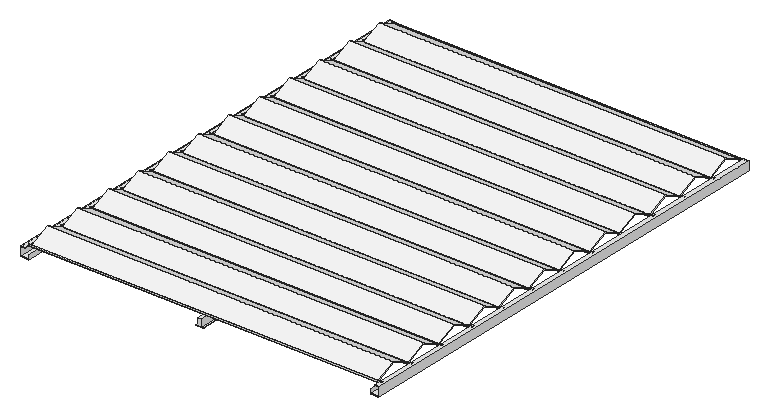
Revit family "Retractable-Roof_ShadeFX", category Specialty Equipment, Revit 2024
Family settings
  Round Connector Dimension = Use Diameter
  Part Type = Normal
  OmniClass Number = 23.35.00.00
  OmniClass Title = Covering, Cladding, and Finishes
  Work Plane-Based = No
  Enable Cutting in Views = No
  Always vertical = Yes
  Cut with Voids When Loaded = No
  Maintain Annotation Orientation = No
  Shared = No
  Room Calculation Point = No
Parameters
  URL = "https://www.shadefxcanopies.com/"
  Track Length [instance] = Length  # 18' - 0"
  Structure Material [instance] = ShadeFX - Aluminum Finish
  Specification = "https://www.arcat.com/company/shadefx-50995/spec"
  Retracted Roof [instance] = not(Extended Roof)  # no
  Retracted Length [instance] = if(or(Length = 8' 0", Length < 9' 0"), 1' 0 1/4", if(or(Length = 9' 0", Length < 10' 0"), 1' 2 1/4", if(or(Length = 10' 0", Length < 11' 0"), 2' 2 1/4", if(or(Length = 11' 0", Length < 12' 0"), 2' 4 1/4", if(or(Length = 12' 0", Length < 13' 3"), 2' 6 1/4", if(or(Length = 13' 3", Length < 14' 0"), 2' 6 1/4", if(or(Length = 14' 0", Length < 15' 0"), 2' 8 1/4", if(or(Length = 15' 0", Length = 16' 0"), 2' 8 1/4", if(or(Length = 16' 0", Length < 17' 0"), 2' 10 1/4", if(or(Length = 17' 0", Length < 18' 0"), 3' 0 1/4", if(or(Length = 18' 0", Length < 19' 0"), 3' 0 1/4", if(or(Length = 19' 0", Length < 20' 0"), 3' 2 1/4", if(or(Length = 20' 0", Length < 21' 0"), 3' 2 1/4", if(or(Length = 21' 0", Length < 22' 0"), 3' 4 1/4", if(or(Length = 22' 0", Length < 23' 0"), 3' 6 1/4", if(or(Length = 23' 0", Length < 26' 0"), 3' 6 1/4", if(or(Length = 26' 0", Length < 27' 0"), 3' 10 1/4", if(or(Length = 27' 0", Length < 29' 0"), 4' 0 1/4", if(or(Length = 29' 0", Length < 30' 0"), 4' 2 1/4", if(Length = 30' 0", 4' 2 1/4", 1' 0"))))))))))))))))))))  # 3' - 0 1/4"
  Motor [instance] = no
  Max Length and Width [instance] = "Contact us (spec@shadefx.com) for > length 30' x width 20'"
  Gutter Stabilizer [instance] = no
  G-Channel Stabilizer [instance] = not(Gutter Stabilizer)  # yes
  Width [instance] = 14' - 0"
  Length [instance] = 18' - 0"
  Product Page URL = "https://www.arcat.com/company/shadefx-50995"
  Model = "Retractable Roof."  # constant formula
  Manufacturer = "ShadeFX"  # constant formula
  Keynote = "10 73 16"
  Extended Roof [instance] = yes
  Description = "Single track retractable roofs."  # constant formula
  Default Elevation = 0' - 0"
  Cover Material [instance] = ShadeFX - Fabric Color
  Copyright = "ARCAT"
  CAD Details = "https://www.arcat.com/company/shadefx-50995/cad"
  # of Wings [instance] = if(or(Length = 8' 0", Length < 9' 0"), 6, if(or(Length = 9' 0", Length < 10' 0"), 7, if(or(Length = 10' 0", Length < 11' 0"), 7, if(or(Length = 11' 0", Length < 12' 0"), 8, if(or(Length = 12' 0", Length < 13' 3"), 9, if(or(Length = 13' 3", Length < 14' 0"), 9, if(or(Length = 14' 0", Length < 15' 0"), 10, if(or(Length = 15' 0", Length = 16' 0"), 10, if(or(Length = 16' 0", Length < 17' 0"), 11, if(or(Length = 17' 0", Length < 18' 0"), 12, if(or(Length = 18' 0", Length < 19' 0"), 12, if(or(Length = 19' 0", Length < 20' 0"), 13, if(or(Length = 20' 0", Length < 21' 0"), 13, if(or(Length = 21' 0", Length < 22' 0"), 14, if(or(Length = 22' 0", Length < 23' 0"), 15, if(or(Length = 23' 0", Length < 24' 0"), 15, if(or(Length = 24' 0", Length < 26' 0"), 16, if(or(Length = 26' 0", Length < 27' 0"), 17, if(or(Length = 27' 0", Length < 29' 0"), 18, if(or(Length = 29' 0", Length < 30' 0"), 19, if(Length = 30' 0", 19, 2)))))))))))))))))))))  # 12
Reference planes (in)
  plane 1 "Center (Front/Back)": y = -60
  plane 2: z = 0
  plane 3 "Center (Left/Right)": x = 0
  plane 4: x = -2
  plane 5: x = 2
  plane 6: z = 120.855
  plane 7: y = 48
  plane 8: y = -168
  plane 9: x = -84
  plane 10: x = 84
  plane 11: x = 80
  plane 12: x = -80
  plane 13 "Wing Host": z = 123.375
  plane 14: z = 120
  plane 15: z = 124.25
  plane 16: y = 17.5
  plane 17: x = -0.89
  plane 18: x = -3.82
  plane 19: z = 121.075
  plane 20: z = 120.855
  plane 21: x = -54
  plane 22: z = 123.75
  plane 23: z = 129.25
  plane 24: x = 54
Forms (in)
  Sweep 1, solid, material "ShadeFX - Aluminum Finish" <- "Structure Material", visible <- "G-Channel Stabilizer"
    path origin (0, 52.11444, 0) x (1, 0, 0) y (0, 1, 0)
      loop
        line (0, -4.11444) -> (0, -220.11444)
    profile origin (0, -60, 0) x (1, 0, 0) y (0, 0, 1)
      loop
        line (-2, 120) -> (2, 120) -> (2, 120.125) -> (0.89, 120.125) -> (0.89, 123.375) -> (-0.89, 123.375) -> (-0.89, 120.125) -> (-2, 120.125) -> (-2, 120)
      loop
        line (-80, 120) -> (-80, 122) -> (-80.125, 122) -> (-80.125, 120.125) -> (-83.875, 120.125) -> (-83.875, 124.125) -> (-82, 124.125) -> (-82, 124.25) -> (-84, 124.25) -> (-84, 120) -> (-80, 120)
      loop
        line (80, 120) -> (84, 120) -> (84, 124.25) -> (82, 124.25) -> (82, 124.125) -> (83.875, 124.125) -> (83.875, 120.125) -> (80.125, 120.125) -> (80.125, 122) -> (80, 122) -> (80, 120)
  Extrusion 2, solid, material "ShadeFX - Aluminum Finish" <- "Structure Material", visible <- "Motor"
    sketch origin (-116.11458, 48, 216) x (-1, 0, 0) y (0, 0, 1)
      loop
        line (-112.29458, -94.925) -> (-112.29458, -92.625) -> (-115.22458, -92.625) -> (-115.22458, -94.925) -> (-112.29458, -94.925)
    from 0 to -30.5
  Sweep 3, solid, material "ShadeFX - Aluminum Finish" <- "Structure Material", visible <- "Gutter Stabilizer"
    path origin (0, 52.11444, 0) x (1, 0, 0) y (0, 1, 0)
      loop
        line (0, -4.11444) -> (0, -220.11444)
    profile origin (0, -60, 0) x (1, 0, 0) y (0, 0, 1)
      loop
        line (-2, 120) -> (2, 120) -> (2, 120.125) -> (0.89, 120.125) -> (0.89, 123.375) -> (-0.89, 123.375) -> (-0.89, 120.125) -> (-2, 120.125) -> (-2, 120)
      loop
        line (-78, 120) -> (-78, 122) -> (-78.125, 122) -> (-78.125, 120.125) -> (-83.875, 120.125) -> (-83.875, 123.625) -> (-82, 123.625) -> (-82, 123.75) -> (-82, 124.25) -> (-83, 124.25) -> (-83, 124.125) -> (-82.11033, 124.125) -> (-82.11033, 123.75) -> (-84, 123.75) -> (-84, 120) -> (-78, 120)
      loop
        line (-82.25125, 123.875) -> (-82.25125, 124) -> (-83.875, 124) -> (-83.875, 129.09443) -> (-80, 129.09443) -> (-80, 129.25) -> (-84, 129.25) -> (-84, 123.875) -> (-82.25125, 123.875)
      loop
        line (78, 120) -> (84, 120) -> (84, 123.75) -> (82.11033, 123.75) -> (82.11033, 124.125) -> (83, 124.125) -> (83, 124.25) -> (82, 124.25) -> (82, 123.75) -> (82, 123.625) -> (83.875, 123.625) -> (83.875, 120.125) -> (78.125, 120.125) -> (78.125, 122) -> (78, 122) -> (78, 120)
      loop
        line (82.25125, 123.875) -> (84, 123.875) -> (84, 129.25) -> (80, 129.25) -> (80, 129.09443) -> (83.875, 129.09443) -> (83.875, 124) -> (82.25125, 124) -> (82.25125, 123.875)
Dimensions and locks (in)
  equal spacing: plane 4, plane 3 "Center (Left/Right)", plane 5
  locked: plane 4 to plane 5 at 4
  equal spacing: plane 8, plane 1 "Center (Front/Back)", plane 7
  "Length": plane 8 to plane 7
  equal spacing: plane 9, plane 3 "Center (Left/Right)", plane 10
  "Width": plane 9 to plane 10
  locked: plane 9 to plane 12 at 4
  locked: plane 11 to plane 10 at 4
  locked: plane 14 to plane 2 at 120
  locked: plane 13 "Wing Host" to plane 14 at 3.375
  locked: Sweep 1 sketch curve to plane 14 at 0.125
  locked: plane 13 "Wing Host" to plane 6 at 2.52
  locked: plane 15 to plane 14 at 4.25
  locked: Sweep 1 sketch curve to plane 14 at 2  (x2)
  locked: Sweep 1 sketch curve to plane 9 at 2
  locked: Sweep 1 sketch curve to plane 10 at 2
  locked: plane 7 to plane 16 at 30.5
  locked: plane 17 to plane 3 "Center (Left/Right)" at 0.89
  locked: plane 18 to plane 17 at 2.93
  locked: plane 13 "Wing Host" to plane 19 at 2.3
  plane 22 to plane 14 = 0' - 3 3/4"
  plane 23 to plane 22 = 0' - 5 1/2"
  locked: Sweep 3 sketch curve to Sweep 3 sketch curve at 1  (x2)
  Sweep 3 sketch curve to Sweep 3 sketch curve = 0' - 4"  (x2)
  locked: Sweep 1 to Sweep 3 sketch curve at 6
  locked: Sweep 3 sketch curve to Sweep 3 sketch curve at 0.125
  aligned and locked: level to plane 2
  aligned and locked: plane 3 "Center (Left/Right)" to nested 3
  aligned and locked: plane 3 "Center (Left/Right)" to nested 1
  aligned and locked: nested 1 to plane 1 "Center (Front/Back)"
  aligned and locked: plane 14 to Sweep 1 sketch curve  (x3)
  aligned and locked: plane 13 "Wing Host" to Sweep 1 sketch curve
  aligned and locked: Sweep 1 sketch curve to plane 9
  aligned and locked: Sweep 1 sketch curve to plane 12
  aligned and locked: Sweep 1 sketch curve to plane 15  (x2)
  aligned and locked: plane 10 to Sweep 1 sketch curve
  aligned and locked: Sweep 1 sketch curve to plane 11
  aligned and locked: plane 3 "Center (Left/Right)" to nested 2
  aligned and locked: plane 7 to Sweep 1 sketch curve
  aligned and locked: plane 8 to Sweep 1 sketch curve
  aligned and locked: nested 3 to plane 7
  aligned and locked: nested 2 to plane 7
  aligned and locked: Extrusion 2 sketch curve to plane 19
  aligned and locked: Extrusion 2 sketch curve to plane 17
  aligned and locked: Extrusion 2 sketch curve to plane 13 "Wing Host"
  aligned and locked: Extrusion 2 sketch curve to plane 18
  aligned and locked: Extrusion 2 to plane 16
  aligned and locked: plane 7 to Extrusion 2
  aligned and locked: Sweep 3 sketch curve to plane 22  (x2)
  aligned and locked: plane 15 to Sweep 3 sketch curve  (x2)
  aligned and locked: Sweep 3 sketch curve to plane 12
  aligned and locked: Sweep 3 sketch curve to nested 1
  aligned and locked: nested 1 to Sweep 3 sketch curve
  aligned and locked: Sweep 3 sketch curve to plane 23
Automatic sketch dimensions
  Sweep 1 sketch curve to plane 3 "Center (Left/Right)" = 0' - 0"
  Sweep 1 sketch curve to Sweep 1 sketch curve = 0' - 0 1/8"  (x8)
  profile plane to Sweep 1 sketch curve = 0' - 2"
  profile plane to Sweep 1 sketch curve = 0' - 0.89"
  Sweep 1 sketch curve to profile plane = 0' - 0.89"
  Sweep 1 sketch curve to Sweep 1 sketch curve = 0' - 1.11"
  Sweep 1 sketch curve to plane 6 = 0' - 0.73"
  Sweep 3 sketch curve to plane 3 "Center (Left/Right)" = 0' - 0"
  plane 8 to Sweep 3 sketch curve = 0' - 0"
  Sweep 3 sketch curve to plane 7 = 0' - 0"
  Sweep 3 sketch curve to plane 20 = 0' - 0.855"  (x3)
  Sweep 3 sketch curve to Sweep 3 sketch curve = 0' - 0"  (x3)
  Sweep 3 sketch curve to Sweep 3 sketch curve = 0' - 0 1/8"  (x15)
  Sweep 3 sketch curve to Sweep 3 sketch curve = 0' - 0 7/8"
  Sweep 3 sketch curve to Sweep 3 sketch curve = 0' - 0.25125"
  Sweep 3 sketch curve to Sweep 3 sketch curve = 0' - 0.11033"  (x2)
  Sweep 3 sketch curve to plane 20 = 0' - 0.73"  (x2)
  Sweep 3 sketch curve to Sweep 3 sketch curve = 0' - 3 7/8"
  profile plane to Sweep 3 sketch curve = 0' - 2"
  profile plane to Sweep 3 sketch curve = 0' - 0.89"
  Sweep 3 sketch curve to profile plane = 0' - 0.89"
  Sweep 3 sketch curve to Sweep 3 sketch curve = 0' - 1.11"
  Sweep 3 sketch curve to Sweep 3 sketch curve = 0' - 2"
  Sweep 3 sketch curve to Sweep 3 sketch curve = 0' - 0.14091"
  plane 20 to Sweep 3 sketch curve = 0' - 2.52"
  Sweep 3 sketch curve to Sweep 3 sketch curve = 0' - 0.15557"  (x2)
  Sweep 3 sketch curve to Sweep 3 sketch curve = 0' - 4.84443"
  plane 20 to Sweep 3 sketch curve = 0' - 1.145"  (x2)
Nested families (in)
  nested 1: "PIS_Support Structure" at (-82, 46, 0), Structure Material <- "Structure Material", type "PIS_Support Structure"
    with Structure Material ShadeFX - Aluminum Finish, W 14' - 0", Support 4 no, Support 3 no, Support 2 no, Support 1 no, Right Support no, Left Support no, L 18' - 0", Gutter no, Front Support no, Center Ridge no, Back Support no
  nested 2: "PIS_Extended Roof" at (-4.10236, 48, 123.375), visible <- "Extended Roof", Cover Material <- "Cover Material", Track Length <- "Track Length", Width <- "Width", # of Wings <- "# of Wings", Structure Material <- "Structure Material", type "PIS_Extended Roof"
    with Width 14' - 0", Track Length 18' - 0", Structure Material ShadeFX - Aluminum Finish, Module Length 1' - 5.66667", Cover Material ShadeFX - Fabric Color, # of Wings 12
  nested 3: "PIS_Retractable Roof" at (0, 48, 123.375), visible <- "Retracted Roof", Retracted Length <- "Retracted Length", Track Length <- "Track Length", Width <- "Width", Cover Material <- "Cover Material", Structure Material <- "Structure Material", # of Wings <- "# of Wings", type "PIS_Retractable Roof"
    with Width 14' - 0", Track Length 18' - 0", Structure Material ShadeFX - Aluminum Finish, Retracted Length 3' - 0 1/4", Cover Material ShadeFX - Fabric Color, # of Wings 12
Connectors (in)
  electrical at (-2.355, 48, 122.225)
    settings: on Extrusion 2, index 1, voltage 0 V, apparent load 0 VA, apparent load phase1 0 VA, apparent load phase2 0 VA, apparent load phase3 0 VA, power factor 1, load classification "Motor", number of poles 1, system type 31, power factor state 1, is connector primary yes, connector utility no, sub classification motor no, connector description ""
Definition of nested family "PIS_Extended Roof"
  Parameters (values of type "PIS_Extended Roof")
    Width [instance] = 8' - 0"
    URL = ""
    Track Length [instance] = 19' - 8 21/128"
    Structure Material [instance] = none
    Module Length [instance] = (Track Length - (Back Offset + Front Offset + 0' 0 3/4")) / # of Wings  # 3' - 2.69401"
    Manufacturer = ""
    Keynote = ""
    Front Offset = 0' - 3 1/4"
    Default Elevation = 4' - 0"
    Cover Material [instance] = none
    Back Offset = 0' - 0"
    # of Wings [instance] = 6
  Reference planes (in)
    plane 1 "Center (Front/Back)": y = 0
    plane 2: z = 0
    plane 3 "Center (Left/Right)": x = 4.10236
    plane 4: x = -43.89764
    plane 5: x = 52.10236
    plane 6: y = 0
    plane 7: y = -39.44401
    plane 8: y = -236.16405
    plane 9: y = -0.75
    plane 10: y = -232.91405
    plane 11: x = -42.39764
    plane 12: x = 50.60236
  Forms (in)
    Extrusion 1, solid, material <- "Structure Material"
      sketch origin (-42.39764, 9.82233, 216) x (0, 1, 0) y (0, 0, 1)
        loop
          line (-10.57233, -216) -> (-9.82233, -216) -> (-9.82233, -215.25) -> (-10.57233, -215.25) -> (-10.57233, -216)
      from 0 to 93
  Dimensions and locks (in)
    locked: plane 6 to plane 9 at 0.75
    "Back Offset": plane 1 "Center (Front/Back)" to plane 6
    "Module Length": plane 9 to plane 7
    "Front Offset": plane 10 to plane 8
    equal spacing: plane 4, plane 3 "Center (Left/Right)", plane 5
    "Width": plane 4 to plane 5
    "Track Length": plane 1 "Center (Front/Back)" to plane 8
    locked: plane 4 to plane 11 at 1.5
    locked: plane 12 to plane 5 at 1.5
    equal spacing: group 1, group 3, group 4, group 5, group 6, group 2  (x2)
    equal spacing: group 2, group 6, group 5, group 4, group 3, group 1
    aligned and locked: plane 2 to level
    aligned and locked: plane 3 "Center (Left/Right)" to nested 1
    aligned and locked: nested 1 to plane 9
    aligned and locked: plane 10 to nested 2
    aligned and locked: plane 9 to Extrusion 1 sketch curve
    aligned and locked: plane 6 to Extrusion 1 sketch curve
    aligned and locked: plane 2 to Extrusion 1 sketch curve
    aligned and locked: plane 12 to Extrusion 1
    aligned and locked: Extrusion 1 to plane 11
  Automatic sketch dimensions
    level to Extrusion 1 sketch curve = 0' - 0 3/4"
  Nested families (in)
    nested 1: "PIS_Extended Roof Shade" at (4.08691, -0.75, 0), Cover Material <- "Cover Material", Module Length <- "Module Length", W <- "Width", Structure Material <- "Structure Material", type "PIS_Extended Roof Shade"
      with Width of Extended Roof 7' - 9", W 8' - 0", Structure Material none, Module Length 3' - 2.69401", Cover Material none
    nested 2: "PIS_Extended Roof Shade" at (4.08691, -194.22004, 0), Cover Material <- "Cover Material", Module Length <- "Module Length", W <- "Width", Structure Material <- "Structure Material", type "PIS_Extended Roof Shade"
      with Width of Extended Roof 7' - 9", W 8' - 0", Structure Material none, Module Length 3' - 2.69401", Cover Material none
    nested 3: "PIS_Extended Roof Shade" at (4.08691, -39.44401, 0), Cover Material <- "Cover Material", Module Length <- "Module Length", W <- "Width", Structure Material <- "Structure Material", type "PIS_Extended Roof Shade"
      with Width of Extended Roof 7' - 9", W 8' - 0", Structure Material none, Module Length 3' - 2.69401", Cover Material none
    nested 4: "PIS_Extended Roof Shade" at (4.08691, -78.13802, 0), Cover Material <- "Cover Material", Module Length <- "Module Length", W <- "Width", Structure Material <- "Structure Material", type "PIS_Extended Roof Shade"
      with Width of Extended Roof 7' - 9", W 8' - 0", Structure Material none, Module Length 3' - 2.69401", Cover Material none
    nested 5: "PIS_Extended Roof Shade" at (4.08691, -116.83202, 0), Cover Material <- "Cover Material", Module Length <- "Module Length", W <- "Width", Structure Material <- "Structure Material", type "PIS_Extended Roof Shade"
      with Width of Extended Roof 7' - 9", W 8' - 0", Structure Material none, Module Length 3' - 2.69401", Cover Material none
    nested 6: "PIS_Extended Roof Shade" at (4.08691, -155.52603, 0), Cover Material <- "Cover Material", Module Length <- "Module Length", W <- "Width", Structure Material <- "Structure Material", type "PIS_Extended Roof Shade"
      with Width of Extended Roof 7' - 9", W 8' - 0", Structure Material none, Module Length 3' - 2.69401", Cover Material none
  Definition of nested family "PIS_Extended Roof Shade"
    Parameters (values of type "PIS_Extended Roof Shade")
      Width of Extended Roof [instance] = W - 0' 3"  # 11' - 9"
      W [instance] = 12' - 0"
      Structure Material [instance] = none
      Module Length [instance] = 1' - 0"
      Default Elevation = 0' - 0"
      Cover Material [instance] = none
    Reference planes (in)
      plane 1 "Center (Front/Back)": y = 0
      plane 2: z = 0
      plane 3 "Center (Left/Right)": x = 0.01545
      plane 4: x = -71.98455
      plane 5: x = 72.01545
      plane 6: x = -70.48455
      plane 7: x = 70.51545
      plane 8: y = -12
      plane 9: y = -11.25
      plane 10: x = -68.98455
      plane 11: x = 69.01545
      plane 12: z = 0.75
      plane 13: z = 8.48
      plane 14: y = -5.625
      plane 15: z = 4.87
    Forms (in)
      Extrusion 1, solid, material <- "Structure Material"
        sketch origin (-105.98455, -30, 0) x (1, 0, 0) y (0, 1, 0)
          loop
            line (35.5, 18) -> (176.5, 18) -> (176.5, 18.75) -> (35.5, 18.75) -> (35.5, 18)
        from 0 to 0.75
      Extrusion 2, solid, material <- "Cover Material"
        sketch origin (0.01545, -58.1608, 162.52538) x (0, 1, 0) y (0, 0, 1)
          loop
            line (57.83363, -161.77538) -> (58.04222, -161.77538) -> (52.54098, -157.65538) -> (46.10394, -161.77538) -> (46.33588, -161.77538) -> (52.53539, -157.8074) -> (57.83363, -161.77538)
        from -69 to 69
    Dimensions and locks (in)
      equal spacing: plane 4, plane 3 "Center (Left/Right)", plane 5
      "W": plane 4 to plane 5
      "Width of Extended Roof": plane 6 to plane 7
      locked: plane 4 to plane 6 at 1.5
      "Module Length": plane 8 to plane 1 "Center (Front/Back)"
      locked: plane 9 to plane 8 at 0.75
      locked: plane 6 to plane 10 at 1.5
      locked: plane 11 to plane 7 at 1.5
      locked: plane 12 to plane 2 at 0.75
      plane 2 to plane 15 = 0' - 4.87"
      equal spacing: plane 9, plane 14, plane 1 "Center (Front/Back)"
      locked: Extrusion 2 sketch curve to Extrusion 2 sketch curve at 0.12504  (x2)
      aligned and locked: plane 2 to level
      aligned and locked: Extrusion 1 to plane 6
      aligned and locked: Extrusion 1 sketch curve to plane 7
      aligned and locked: Extrusion 1 sketch curve to plane 9
      aligned and locked: Extrusion 1 sketch curve to plane 8
      aligned and locked: Extrusion 1 sketch curve to plane 6
      aligned and locked: plane 12 to Extrusion 1
      aligned and locked: plane 12 to Extrusion 2 sketch curve
      aligned and locked: Extrusion 2 to plane 11
      aligned and locked: Extrusion 2 to plane 10
      aligned and locked: plane 15 to Extrusion 2 sketch curve
    Automatic sketch dimensions
      Extrusion 2 sketch curve to plane 12 = 0' - 0"
      Extrusion 2 sketch curve to plane 8 = 0' - 0.05686"
      plane 14 to Extrusion 2 sketch curve = 0' - 0.00041"
      plane 1 "Center (Front/Back)" to Extrusion 2 sketch curve = 0' - 0.32717"
Definition of nested family "PIS_Retractable Roof"
  Parameters (values of type "PIS_Retractable Roof")
    Width [instance] = 8' - 0"
    URL = ""
    Track Length [instance] = 11' - 0"
    Structure Material [instance] = none
    Retracted Length [instance] = 3' - 6"
    Manufacturer = ""
    Keynote = ""
    Default Elevation = 4' - 0"
    Cover Material [instance] = none
    Back Offset = 0' - 0"
    # of Wings [instance] = 6
  Reference planes (in)
    plane 1 "Center (Front/Back)": y = 0
    plane 2: z = 0
    plane 3 "Center (Left/Right)": x = 0
    plane 4: y = 0
    plane 5: y = -42
    plane 6: x = -48
    plane 7: x = 48
    plane 8: y = -0.75
  Dimensions and locks (in)
    "Back Offset": plane 4 to plane 1 "Center (Front/Back)"
    equal spacing: plane 6, plane 3 "Center (Left/Right)", plane 7
    "Width": plane 6 to plane 7
    "Retracted Length": plane 5 to plane 4
    locked: plane 8 to plane 4 at 0.75
    equal spacing: group 1, group 3, group 4, group 5, group 6, group 2  (x2)
    equal spacing: group 2, group 6, group 5, group 4, group 3, group 1
    aligned and locked: plane 2 to level
    aligned and locked: plane 3 "Center (Left/Right)" to nested 1
    aligned and locked: plane 4 to nested 1
    aligned and locked: nested 2 to plane 5
  Nested families (in)
    nested 1: "PIS_Retracted Roof Shade" at (0, -19.25454, 0), W <- "Width", Cover Material <- "Cover Material", Structure Material <- "Structure Material", type "PIS_Retracted Roof Shade"
      with Width of Shade 7' - 9", W 8' - 0", Structure Material none, Cover Material none
    nested 2: "PIS_Retracted Roof Shade" at (0, -60.50454, 0), W <- "Width", Cover Material <- "Cover Material", Structure Material <- "Structure Material", type "PIS_Retracted Roof Shade"
      with Width of Shade 7' - 9", W 8' - 0", Structure Material none, Cover Material none
    nested 3: "PIS_Retracted Roof Shade" at (0, -27.50454, 0), W <- "Width", Cover Material <- "Cover Material", Structure Material <- "Structure Material", type "PIS_Retracted Roof Shade"
      with Width of Shade 7' - 9", W 8' - 0", Structure Material none, Cover Material none
    nested 4: "PIS_Retracted Roof Shade" at (0, -35.75454, 0), W <- "Width", Cover Material <- "Cover Material", Structure Material <- "Structure Material", type "PIS_Retracted Roof Shade"
      with Width of Shade 7' - 9", W 8' - 0", Structure Material none, Cover Material none
    nested 5: "PIS_Retracted Roof Shade" at (0, -44.00454, 0), W <- "Width", Cover Material <- "Cover Material", Structure Material <- "Structure Material", type "PIS_Retracted Roof Shade"
      with Width of Shade 7' - 9", W 8' - 0", Structure Material none, Cover Material none
    nested 6: "PIS_Retracted Roof Shade" at (0, -52.25454, 0), W <- "Width", Cover Material <- "Cover Material", Structure Material <- "Structure Material", type "PIS_Retracted Roof Shade"
      with Width of Shade 7' - 9", W 8' - 0", Structure Material none, Cover Material none
  Definition of nested family "PIS_Retracted Roof Shade"
    Parameters (values of type "PIS_Retracted Roof Shade")
      Width of Shade [instance] = W - 0' 3"  # 5' - 9"
      W [instance] = 6' - 0"
      Structure Material [instance] = none
      Default Elevation = 0' - 0"
      Cover Material [instance] = none
    Reference planes (in)
      plane 1 "Center (Front/Back)": y = 9.25454
      plane 2: z = 0
      plane 3 "Center (Left/Right)": x = 0
      plane 4: y = 18.50454
      plane 5: y = 19.25454
      plane 6: x = -34.5
      plane 7: x = 34.5
      plane 8: z = 0.75
      plane 9: z = 8.48
      plane 10: x = -33
      plane 11: x = -36
      plane 12: x = 33
      plane 13: x = 36
    Forms (in)
      Extrusion 1, solid, material <- "Structure Material"
        sketch origin (0, 0, 0) x (1, 0, 0) y (0, 1, 0)
          loop
            line (-34.5, 18.50454) -> (34.5, 18.50454) -> (34.5, 19.25454) -> (-34.5, 19.25454) -> (-34.5, 18.50454)
        from 0 to 0.75
      Extrusion 2, solid, material <- "Cover Material"
        sketch origin (0, 0, 0) x (0, 1, 0) y (0, 0, 1)
          loop
            line (18.50454, 0.75) -> (7.17718, 4.87387) -> (7.13271, 4.75171) -> (18.50454, 0.61165) -> (18.50454, 0.75)
        from -33 to 33
    Dimensions and locks (in)
      equal spacing: plane 6, plane 3 "Center (Left/Right)", plane 7
      "Width of Shade": plane 6 to plane 7
      plane 8 to plane 2 = 0' - 0 3/4"
      plane 5 to plane 4 = 0' - 0 3/4"
      locked: plane 2 to plane 9 at 8.48
      plane 5 to plane 1 "Center (Front/Back)" = 0' - 10"
      locked: Extrusion 2 sketch curve to Extrusion 2 sketch curve at 0.13
      locked: plane 6 to plane 10 at 1.5
      locked: plane 12 to plane 7 at 1.5
      equal spacing: plane 11, plane 3 "Center (Left/Right)", plane 13
      "W": plane 11 to plane 13
      angle plane 8 to Extrusion 2 sketch curve = 20.0047°
      aligned and locked: plane 2 to level
      aligned and locked: Extrusion 1 to plane 6
      aligned and locked: plane 7 to Extrusion 1
      aligned and locked: plane 8 to Extrusion 1
      aligned and locked: plane 4 to Extrusion 1
      aligned and locked: Extrusion 1 to plane 5
      aligned and locked: Extrusion 1 to plane 2
      aligned and locked: plane 4 to Extrusion 2 sketch curve
      aligned and locked: Extrusion 2 to plane 10
      aligned and locked: Extrusion 2 to plane 12
    Automatic sketch dimensions
      plane 5 to Extrusion 1 sketch curve = 0' - 0"
      Extrusion 1 sketch curve to plane 6 = 0' - 0"
      Extrusion 1 sketch curve to plane 7 = 0' - 0"
      plane 4 to Extrusion 1 sketch curve = 0' - 0"
      Extrusion 2 sketch curve to plane 8 = 0' - 0"
      plane 1 "Center (Front/Back)" to Extrusion 2 sketch curve = 0' - 2.07736"
Definition of nested family "PIS_Support Structure"
  Parameters (values of type "PIS_Support Structure")
    W = 10' - 0"
    Support 4 = yes
    Support 3 = yes
    Support 2 = yes
    Support 1 = yes
    Structure Material [instance] = none
    Right Support = yes
    Left Support = yes
    L = 24' - 0"
    Height of Support = 10' - 0"
    Gutter = yes
    Front Support = yes
    Default Elevation = 0' - 0"
    Center Ridge = yes
    Back Support = yes
  Reference planes (in)
    plane 1: y = 0
    plane 2: z = 0
    plane 3: x = 0
    plane 4: y = -284
    plane 5: x = 116
    plane 6 "Center (Left/Right)": x = 58
    plane 7: z = 120
    plane 8: z = 117
    plane 9: z = 116
    plane 10: z = 119
    plane 11: x = -2
    plane 12: x = 2
    plane 13: x = 114
    plane 14: x = 118
    plane 15: y = -286
    plane 16: y = -282
    plane 17: y = -2
    plane 18: y = 2
    plane 19: z = 106
    plane 20: z = 102
    plane 21 "Center (Front/Back)": y = -142
  Forms (in)
    Extrusion 1, solid, material <- "Structure Material", visible <- "Support 2"
      sketch origin (0, -212, 0) x (1, 0, 0) y (0, 1, 0)
        loop
          line (-2, -70) -> (-2, -74) -> (2, -74) -> (2, -70) -> (-2, -70)
        loop
          line (-1.75, -70.25) -> (-1.75, -73.75) -> (1.75, -73.75) -> (1.75, -70.25) -> (-1.75, -70.25)
      from 6 to 120
    Extrusion 2, solid, material <- "Structure Material", visible <- "Support 1"
      sketch origin (0, 0, 0) x (1, 0, 0) y (0, 1, 0)
        loop
          line (-2, 2) -> (-2, -2) -> (2, -2) -> (2, 2) -> (-2, 2)
        loop
          line (-1.75, 1.75) -> (-1.75, -1.75) -> (1.75, -1.75) -> (1.75, 1.75) -> (-1.75, 1.75)
      from 6 to 120
    Extrusion 3, solid, material <- "Structure Material", visible <- "Support 3"
      sketch origin (212, 0, 0) x (1, 0, 0) y (0, 1, 0)
        loop
          line (-98, 2) -> (-98, -2) -> (-94, -2) -> (-94, 2) -> (-98, 2)
        loop
          line (-97.75, 1.75) -> (-97.75, -1.75) -> (-94.23695, -1.75) -> (-94.23695, 1.75) -> (-97.75, 1.75)
      from 6 to 120
    Extrusion 4, solid, material <- "Structure Material", visible <- "Support 4"
      sketch origin (212, -212, 0) x (1, 0, 0) y (0, 1, 0)
        loop
          line (-98, -70) -> (-98, -74) -> (-94, -74) -> (-94, -70) -> (-98, -70)
        loop
          line (-97.75, -70.25) -> (-97.75, -73.75) -> (-94.25, -73.75) -> (-94.25, -70.25) -> (-97.75, -70.25)
      from 6 to 120
    Extrusion 5, solid, material <- "Structure Material", visible <- "Left Support"
      sketch origin (0, 0, 0) x (1, 0, 0) y (0, 0, 1)
        loop
          line (-2, 120) -> (-2, 116) -> (2, 116) -> (2, 120) -> (-2, 120)
        loop
          line (-1.75, 119.75) -> (-1.75, 116.25) -> (1.75, 116.25) -> (1.75, 119.75) -> (-1.75, 119.75)
      from 2 to 282
    Extrusion 6, solid, material <- "Structure Material", visible <- "Right Support"
      sketch origin (212, 0, 0) x (1, 0, 0) y (0, 0, 1)
        loop
          line (-98, 120) -> (-98, 116) -> (-94, 116) -> (-94, 120) -> (-98, 120)
        loop
          line (-97.75, 119.75) -> (-97.75, 116.25) -> (-94.25, 116.25) -> (-94.25, 119.75) -> (-97.75, 119.75)
      from 2 to 282
    Extrusion 7, solid, material <- "Structure Material", visible <- "Back Support"
      sketch origin (106, 0, 0) x (0, -1, 0) y (0, 0, 1)
        loop
          line (-2, 120) -> (-2, 116) -> (2, 116) -> (2, 120) -> (-2, 120)
        loop
          line (-1.75, 119.75) -> (-1.75, 116.25) -> (1.75, 116.25) -> (1.75, 119.75) -> (-1.75, 119.75)
      from -8 to 104
    Extrusion 8, solid, material <- "Structure Material", visible <- "Front Support"
      sketch origin (106, -212, 0) x (0, -1, 0) y (0, 0, 1)
        loop
          line (70, 120) -> (70, 116) -> (74, 116) -> (74, 120) -> (70, 120)
        loop
          line (70.25, 119.75) -> (70.25, 116.25) -> (73.75, 116.25) -> (73.75, 119.75) -> (70.25, 119.75)
      from -8 to 104
    Extrusion 9, solid, material <- "Structure Material", visible <- "Center Ridge"
      sketch origin (-2, 0, 0) x (1, 0, 0) y (0, 1, 0)
        loop
          line (57.375, -2) -> (57.375, -282) -> (62.625, -282) -> (62.625, -2) -> (57.375, -2)
      from 117 to 120
    Extrusion 10, solid, material <- "Structure Material", visible <- "Gutter"
      sketch origin (0, 0, 0) x (0, 1, 0) y (0, 0, 1)
        loop
          line (-2, 116) -> (-282, 116) -> (-282, 106) -> (-2, 106) -> (-2, 116)
      from 1.75 to 2
    Extrusion 11, solid, material <- "Structure Material", visible <- "Gutter"
      sketch origin (219.25, 0, 0) x (0, 1, 0) y (0, 0, 1)
        loop
          line (-2, 116) -> (-282, 116) -> (-282, 106) -> (-2, 106) -> (-2, 116)
      from -105.25 to -105
  Dimensions and locks (in)
    Extrusion 9 sketch curve to plane 6 "Center (Left/Right)" to Extrusion 9 sketch curve = 0' - 2 5/8" locked, 0' - 2 5/8" locked
    "Height of Support": plane 7 to level
    locked: plane 7 to plane 8 at 3
    locked: plane 7 to plane 9 at 4
    locked: plane 10 to plane 7 at 1
    locked: plane 11 to plane 12 at 4
    equal spacing: plane 11, plane 3, plane 12
    locked: plane 13 to plane 14 at 4
    equal spacing: plane 13, plane 5, plane 14
    locked: plane 18 to plane 17 at 4
    equal spacing: plane 18, plane 1, plane 17
    locked: plane 16 to plane 15 at 4
    equal spacing: plane 16, plane 4, plane 15
    "W": plane 11 to plane 14
    equal spacing: plane 3, plane 6 "Center (Left/Right)", plane 5
    "L": plane 18 to plane 15
    locked: plane 19 to plane 20 at 4
    locked: plane 7 to plane 20 at 18
    equal spacing: plane 18, plane 21 "Center (Front/Back)", plane 15
    aligned and locked: level to plane 2
    aligned and locked: Extrusion 9 to Extrusion 7  (x2)
    aligned and locked: Extrusion 9 to Extrusion 8
    aligned and locked: Extrusion 1 to plane 7
    aligned and locked: Extrusion 5 to plane 7
    aligned and locked: Extrusion 2 to plane 7
    aligned and locked: plane 7 to Extrusion 1
    aligned and locked: Extrusion 8 to plane 7
    aligned and locked: Extrusion 7 to plane 7
    aligned and locked: plane 7 to Extrusion 8
    aligned and locked: Extrusion 9 to plane 7
    aligned and locked: Extrusion 4 to plane 7
    aligned and locked: Extrusion 6 to plane 7
    aligned and locked: Extrusion 3 to plane 7
    aligned and locked: plane 7 to Extrusion 4
    aligned and locked: plane 8 to Extrusion 9
    aligned and locked: plane 9 to Extrusion 8
    aligned and locked: plane 9 to Extrusion 7
    aligned and locked: Extrusion 8 to plane 9  (x4)
    aligned and locked: plane 9 to Extrusion 5  (x8)
    aligned and locked: plane 9 to Extrusion 6
    aligned and locked: plane 3 to nested 1
    aligned and locked: nested 4 to plane 3
    aligned and locked: nested 2 to plane 5
    aligned and locked: nested 3 to plane 5
    aligned and locked: plane 4 to nested 3
    aligned and locked: plane 4 to nested 4
    aligned and locked: plane 1 to nested 1
    aligned and locked: plane 1 to nested 2
    aligned and locked: Extrusion 1 to nested 4
    aligned and locked: Extrusion 2 to nested 1
    aligned and locked: Extrusion 3 to nested 2
    aligned and locked: Extrusion 4 to nested 3
    aligned and locked: plane 11 to Extrusion 2
    aligned and locked: plane 11 to Extrusion 5
    aligned and locked: Extrusion 2 to plane 12
    aligned and locked: Extrusion 5 to plane 12
    aligned and locked: Extrusion 7 to Extrusion 2
    aligned and locked: Extrusion 7 to Extrusion 3
    aligned and locked: Extrusion 6 to Extrusion 3
    aligned and locked: Extrusion 6 to Extrusion 4
    aligned and locked: Extrusion 8 to Extrusion 4
    aligned and locked: Extrusion 8 to Extrusion 1
    aligned and locked: Extrusion 5 to Extrusion 1
    aligned and locked: plane 13 to Extrusion 3
    aligned and locked: plane 13 to Extrusion 4
    aligned and locked: plane 18 to Extrusion 2
    aligned and locked: plane 18 to Extrusion 7
    aligned and locked: plane 18 to Extrusion 3
    aligned and locked: Extrusion 1 to plane 15
    aligned and locked: Extrusion 8 to plane 15
    aligned and locked: Extrusion 4 to plane 15
    aligned and locked: plane 16 to Extrusion 4
    aligned and locked: plane 16 to Extrusion 1
    aligned and locked: Extrusion 10 sketch curve to Extrusion 5  (x2)
    aligned and locked: Extrusion 1 to Extrusion 10  (x2)
    aligned and locked: plane 19 to Extrusion 11
    aligned and locked: Extrusion 11 to plane 9
  Automatic sketch dimensions
    Extrusion 1 sketch curve to plane 11 = 0' - 0"
    Extrusion 1 sketch curve to plane 12 = 0' - 0"
    Extrusion 1 sketch curve to plane 15 = 0' - 0"
    Extrusion 1 sketch curve to plane 16 = 0' - 0"
    Extrusion 1 sketch curve to plane 11 = 0' - 0 1/4"
    plane 12 to Extrusion 1 sketch curve = 0' - 0 1/4"
    plane 15 to Extrusion 1 sketch curve = 0' - 0 1/4"
    Extrusion 1 sketch curve to plane 16 = 0' - 0 1/4"
    Extrusion 2 sketch curve to plane 11 = 0' - 0"
    Extrusion 2 sketch curve to plane 12 = 0' - 0"
    Extrusion 2 sketch curve to plane 17 = 0' - 0"
    Extrusion 2 sketch curve to plane 18 = 0' - 0"
    Extrusion 2 sketch curve to plane 11 = 0' - 0 1/4"
    plane 12 to Extrusion 2 sketch curve = 0' - 0 1/4"
    plane 17 to Extrusion 2 sketch curve = 0' - 0 1/4"
    Extrusion 2 sketch curve to plane 18 = 0' - 0 1/4"
    Extrusion 3 sketch curve to plane 13 = 0' - 0"
    Extrusion 3 sketch curve to plane 18 = 0' - 0"
    Extrusion 3 sketch curve to plane 17 = 0' - 0"
    Extrusion 3 sketch curve to plane 13 = 0' - 0 1/4"
    plane 14 to Extrusion 3 sketch curve = 0' - 0.23695"
    plane 14 to Extrusion 3 sketch curve = 0' - 0"
    plane 17 to Extrusion 3 sketch curve = 0' - 0 1/4"
    Extrusion 3 sketch curve to plane 18 = 0' - 0 1/4"
    Extrusion 4 sketch curve to plane 13 = 0' - 0"
    Extrusion 4 sketch curve to plane 14 = 0' - 0"
    Extrusion 4 sketch curve to plane 15 = 0' - 0"
    Extrusion 4 sketch curve to plane 16 = 0' - 0"
    Extrusion 4 sketch curve to plane 13 = 0' - 0 1/4"
    plane 14 to Extrusion 4 sketch curve = 0' - 0 1/4"
    plane 15 to Extrusion 4 sketch curve = 0' - 0 1/4"
    Extrusion 4 sketch curve to plane 16 = 0' - 0 1/4"
    Extrusion 5 sketch curve to plane 9 = 0' - 0"
    Extrusion 5 sketch curve to plane 11 = 0' - 0"
    Extrusion 5 sketch curve to plane 7 = 0' - 0"
    Extrusion 5 sketch curve to plane 12 = 0' - 0"
    Extrusion 5 sketch curve to plane 11 = 0' - 0 1/4"
    plane 12 to Extrusion 5 sketch curve = 0' - 0 1/4"
    Extrusion 5 sketch curve to plane 9 = 0' - 0 1/4"
    plane 7 to Extrusion 5 sketch curve = 0' - 0 1/4"
    Extrusion 6 sketch curve to plane 9 = 0' - 0"
    Extrusion 6 sketch curve to plane 13 = 0' - 0"
    Extrusion 6 sketch curve to plane 7 = 0' - 0"
    Extrusion 6 sketch curve to plane 14 = 0' - 0"
    Extrusion 6 sketch curve to plane 13 = 0' - 0 1/4"
    plane 14 to Extrusion 6 sketch curve = 0' - 0 1/4"
    Extrusion 6 sketch curve to plane 9 = 0' - 0 1/4"
    plane 7 to Extrusion 6 sketch curve = 0' - 0 1/4"
    plane 9 to Extrusion 7 sketch curve = 0' - 0"
    Extrusion 7 sketch curve to plane 18 = 0' - 0"
    plane 7 to Extrusion 7 sketch curve = 0' - 0"
    Extrusion 7 sketch curve to plane 17 = 0' - 0"
    Extrusion 7 sketch curve to plane 18 = 0' - 0 1/4"
    plane 17 to Extrusion 7 sketch curve = 0' - 0 1/4"
    Extrusion 7 sketch curve to plane 9 = 0' - 0 1/4"
    plane 7 to Extrusion 7 sketch curve = 0' - 0 1/4"
    plane 9 to Extrusion 8 sketch curve = 0' - 0"
    Extrusion 8 sketch curve to plane 16 = 0' - 0"
    plane 7 to Extrusion 8 sketch curve = 0' - 0"
    Extrusion 8 sketch curve to plane 15 = 0' - 0"
    Extrusion 8 sketch curve to plane 16 = 0' - 0 1/4"
    plane 15 to Extrusion 8 sketch curve = 0' - 0 1/4"
    Extrusion 8 sketch curve to plane 9 = 0' - 0 1/4"
    plane 7 to Extrusion 8 sketch curve = 0' - 0 1/4"
    Extrusion 9 sketch curve to plane 16 = 0' - 0"
    Extrusion 9 sketch curve to plane 17 = 0' - 0"
    plane 9 to Extrusion 11 sketch curve = 0' - 0"
    Extrusion 11 sketch curve to plane 16 = 0' - 0"
    Extrusion 11 sketch curve to plane 17 = 0' - 0"
    plane 19 to Extrusion 11 sketch curve = 0' - 0"
    Extrusion 10 sketch curve to plane 16 = 0' - 0"
    plane 19 to Extrusion 10 sketch curve = 0' - 0"
  Nested families (in)
    nested 1: "PIS_Base Support" at (0, 0, 0), visible <- "Support 1", Material <- "Structure Material", type "PIS_Base Support"
      with Material none
    nested 2: "PIS_Base Support" at (116, 0, 0), visible <- "Support 3", Material <- "Structure Material", type "PIS_Base Support"
      with Material none
    nested 3: "PIS_Base Support" at (116, -284, 0), visible <- "Support 4", Material <- "Structure Material", type "PIS_Base Support"
      with Material none
    nested 4: "PIS_Base Support" at (0, -284, 0), visible <- "Support 2", Material <- "Structure Material", type "PIS_Base Support"
      with Material none
  Definition of nested family "PIS_Base Support"
    Parameters (values of type "PIS_Base Support")
      Material [instance] = none
      Default Elevation = 0' - 0"
    Reference planes (in)
      plane 1 "Center (Front/Back)": y = 0
      plane 2: z = 0
      plane 3 "Center (Left/Right)": x = 0
    Forms (in)
      Extrusion 1, solid, material <- "Material"
        sketch origin (0, 0, 0) x (1, 0, 0) y (0, 1, 0)
          loop
            line (3.655, 3.655) -> (-3.655, 3.655) -> (-3.655, -3.655) -> (3.655, -3.655) -> (3.655, 3.655)
        from 0 to 5.23828
      Blend 2, solid, material <- "Material"
        base sketch origin (0, 0, 0) x (1, 0, 0) y (0, 1, 0)
          loop
            line (-3.655, 3.655) -> (-3.655, -3.655) -> (3.655, -3.655) -> (3.655, 3.655) -> (-3.655, 3.655)
        top sketch origin (0, 0, 0) x (1, 0, 0) y (0, 1, 0)
          loop
            line (-2, 2) -> (-2, -2) -> (2, -2) -> (2, 2) -> (-2, 2)
        from 5.23828 to 6
    Dimensions and locks (in)
      aligned and locked: plane 2 to level
      aligned and locked: Blend 2 to Extrusion 1
